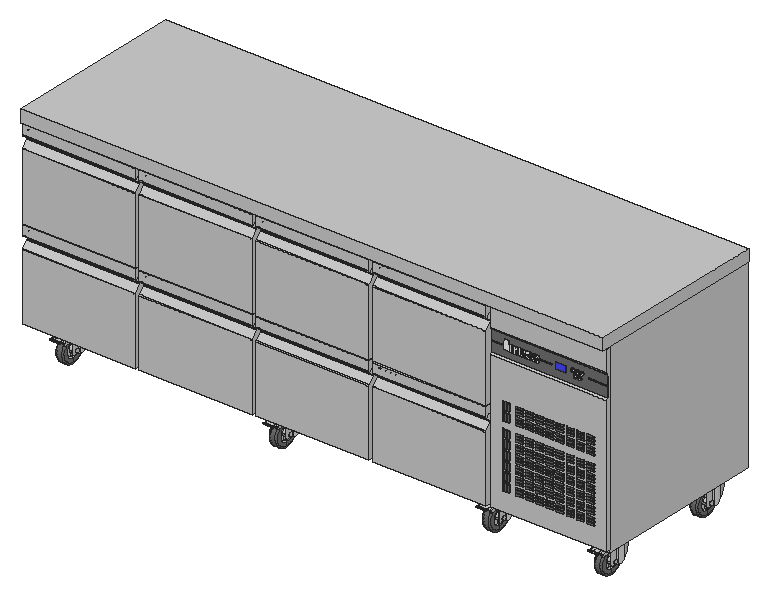
Revit family "QF_INOMAK_PNRP9999_250611031516", category Specialty Equipment, Revit 2021 (continued)
Definition of nested family "QF_INOMAK_REF_COUNTERS_DOORS_DRAWERS_25919"
  Definition of nested family "2_Drawers_1-2"
    Reference planes
      plane 7 "Front legs": y = -690
      plane 8 "Legs top": z = 150
      plane 9 "Backsplash thickness": y = -10
      plane 10 "Left panel": x = 35
      plane 11 "Right panel": x = 1165
      plane 12: z = 600
      plane 13: z = 1046
      plane 14: z = 602
      plane 15: z = 598
      plane 16: z = 154
    Forms (mm)
      Extrusion 1, solid, material <- "Finish", visible <- "2 Drawers"
        sketch origin (35, 0, 0) x (0, -1, 0) y (0, 0, 1)
          loop
            line (690, 602) -> (690, 960.365)
            arc (690, 960.365) -> (689.866, 961.037) -> (689.485, 961.607) r 1.757
            line (689.485, 961.607) -> (666.663, 984.429)
            arc (666.663, 984.429) -> (665.976, 985.458) -> (665.734, 986.672) r 3.172
            line (665.734, 986.672) -> (665.734, 1013.576)
            arc (665.734, 1013.576) -> (666.433, 1015.262) -> (668.119, 1015.961) r 2.385
            line (668.119, 1015.961) -> (680.029, 1015.961) -> (686.544, 1006.657)
            arc (686.544, 1006.657) -> (688.671, 1005.935) -> (690, 1007.747) r 1.9
            line (690, 1007.747) -> (690, 1046) -> (648, 1046) -> (648, 602) -> (690, 602)
        from 0 to -1130
      Extrusion 2, solid, visible <- "2 Drawers", detail levels coarse
        sketch origin (0, -640.463, 602) x (0, 1, 0) y (-1, 0, 0)
          loop
            line (-49.537, -35) -> (-624.537, -35) -> (-624.537, -1165) -> (-49.537, -1165) -> (-49.537, -35)
        from 0 to 444
      Extrusion 3, solid, visible <- "2 Drawers", detail levels coarse
        sketch origin (0, -700, 154) x (-1, 0, 0) y (0, 1, 0)
          loop
            line (-35, 10) -> (-1165, 10) -> (-1165, -565) -> (-35, -565) -> (-35, 10)
        from 0 to -444
      Extrusion 4, solid, material <- "Finish", visible <- "2 Drawers"
        sketch origin (35, 0, -441.333) x (0, -1, 0) y (0, 0, 1)
          loop
            line (690, 595.333) -> (690, 953.698)
            arc (690, 953.698) -> (689.866, 954.37) -> (689.485, 954.94) r 1.757
            line (689.485, 954.94) -> (666.663, 977.763)
            arc (666.663, 977.763) -> (665.976, 978.792) -> (665.734, 980.006) r 3.172
            line (665.734, 980.006) -> (665.734, 1006.909)
            arc (665.734, 1006.909) -> (666.433, 1008.596) -> (668.119, 1009.294) r 2.385
            line (668.119, 1009.294) -> (680.029, 1009.294) -> (686.544, 999.991)
            arc (686.544, 999.991) -> (688.671, 999.268) -> (690, 1001.08) r 1.9
            line (690, 1001.08) -> (690, 1039.333) -> (648, 1039.333) -> (648, 595.333) -> (690, 595.333)
        from 0 to -1130
    Lines and regions (mm)
      symbolic lines, visible <- "2 Drawers"
        curve 1: line (35, -940, 900) -> (35, -980, 900)
        curve 2: line (35, -980, 900) -> (1165, -980, 900)
        curve 3: line (1165, -980, 900) -> (1165, -940, 900)
        curve 4: line (1165, -940, 900) -> (35, -940, 900)
        curve 5: line (1135, -940, 900) -> (1135, -700, 900)
        curve 6: line (65, -940, 900) -> (65, -700, 900)
        curve 7: line (35, -1225, 900) -> (35, -1265, 900)
        curve 8: line (35, -1265, 900) -> (1165, -1265, 900)
        curve 9: line (1165, -1265, 900) -> (1165, -1225, 900)
        curve 10: line (1165, -1225, 900) -> (35, -1225, 900)
        curve 11: line (1135, -1225, 900) -> (1135, -980, 900)
        curve 12: line (65, -1225, 900) -> (65, -980, 900)
    Dimensions and locks
      "Length Actual": plane 3 "Left" to plane 4 "Right"
      "Depth Actual": plane 5 "Front" to plane 1 "Back"
      "Height Actual": plane 6 "Top" to plane 8 "Legs top"
      "Front inset": plane 7 "Front legs" to plane 5 "Front"
      "Plinth height": plane 8 "Legs top" to plane 2
      "Rear inset": plane 9 "Backsplash thickness" to plane 1 "Back"
      "Right panel thickness": plane 11 "Right panel" to plane 4 "Right"
      "Left panel thickness": plane 3 "Left" to plane 10 "Left panel"
      "Top inset": plane 6 "Top" to plane 13
      "Bottom inset": plane 16 to plane 8 "Legs top"
      equal spacing: plane 16, plane 12, plane 13
      locked: plane 14 to plane 12 at 2
      locked: plane 15 to plane 12 at 2
      aligned and locked: level to plane 2
      aligned and locked: Extrusion 1 to plane 11 "Right panel"
      aligned and locked: plane 10 "Left panel" to curve 1
      aligned and locked: plane 10 "Left panel" to curve 7
      aligned and locked: Extrusion 2 sketch curve to plane 10 "Left panel"
      aligned and locked: plane 11 "Right panel" to Extrusion 2 sketch curve
      aligned and locked: Extrusion 3 sketch curve to plane 10 "Left panel"
      aligned and locked: plane 11 "Right panel" to Extrusion 3 sketch curve
      aligned and locked: Extrusion 2 to plane 13
      aligned and locked: Extrusion 4 to plane 11 "Right panel"
      aligned and locked: Extrusion 3 to plane 15
      aligned and locked: Extrusion 1 sketch curve to plane 13
      aligned and locked: Extrusion 1 sketch curve to plane 7 "Front legs"
      aligned and locked: plane 14 to Extrusion 1 sketch curve
      aligned and locked: Extrusion 4 sketch curve to plane 15
      aligned and locked: Extrusion 4 sketch curve to plane 7 "Front legs"
      aligned and locked: Extrusion 4 sketch curve to plane 16
    Automatic sketch dimensions
      Extrusion 2 sketch curve to plane 7 "Front legs" = 0 mm
      Extrusion 2 sketch curve to plane 5 "Front" = 565 mm
      Extrusion 3 sketch curve to plane 7 "Front legs" = 0 mm
      Extrusion 3 sketch curve to plane 5 "Front" = 565 mm
      curve 9 to plane 11 "Right panel" = 0 mm
      curve 2 to plane 11 "Right panel" = 0 mm
      curve 5 to plane 5 "Front" = 0 mm
      curve 6 to plane 5 "Front" = 0 mm
      curve 1 to plane 5 "Front" = 240 mm
      curve 3 to curve 3 = 40 mm
      curve 7 to curve 1 = 245 mm
      curve 8 to curve 9 = 40 mm
      plane 11 "Right panel" to curve 5 = 30 mm
      curve 2 to curve 11 = 30 mm
      curve 6 to plane 10 "Left panel" = 30 mm
      curve 12 to plane 10 "Left panel" = 30 mm
      Extrusion 1 sketch curve to Extrusion 1 sketch curve = 17.734 mm
      Extrusion 1 sketch curve to Extrusion 1 sketch curve = 0.929 mm
      Extrusion 1 sketch curve to Extrusion 1 sketch curve = 2.385 mm
      Extrusion 1 sketch curve to Extrusion 1 sketch curve = 3.172 mm
      Extrusion 1 sketch curve to Extrusion 1 sketch curve = 11.91 mm
      Extrusion 1 sketch curve to Extrusion 1 sketch curve = 6.515 mm
      Extrusion 1 sketch curve to Extrusion 1 sketch curve = 1.556 mm
      Extrusion 1 sketch curve to Extrusion 1 sketch curve = 21.58 mm
      Extrusion 1 sketch curve to Extrusion 1 sketch curve = 1.242 mm
      Extrusion 1 sketch curve to Extrusion 1 sketch curve = 1.9 mm
      Extrusion 1 sketch curve to Extrusion 1 sketch curve = 0.515 mm
      Extrusion 1 sketch curve to Extrusion 1 sketch curve = 22.822 mm
      Extrusion 1 sketch curve to Extrusion 1 sketch curve = 19.985 mm
      Extrusion 1 sketch curve to Extrusion 1 sketch curve = 6.919 mm
      Extrusion 1 sketch curve to Extrusion 1 sketch curve = 30.039 mm
      Extrusion 4 sketch curve to plane 7 "Front legs" = 0 mm
      plane 7 "Front legs" to Extrusion 4 sketch curve = 0.515 mm
      plane 7 "Front legs" to Extrusion 4 sketch curve = 1.757 mm
      plane 7 "Front legs" to Extrusion 4 sketch curve = 1.9 mm
      Extrusion 4 sketch curve to Extrusion 4 sketch curve = 1.556 mm
      plane 7 "Front legs" to Extrusion 4 sketch curve = 9.971 mm
      plane 7 "Front legs" to Extrusion 4 sketch curve = 21.094 mm
      Extrusion 4 sketch curve to Extrusion 4 sketch curve = 11.91 mm
      Extrusion 4 sketch curve to Extrusion 4 sketch curve = 2.243 mm
      Extrusion 4 sketch curve to Extrusion 4 sketch curve = 2.385 mm
      Extrusion 4 sketch curve to Extrusion 4 sketch curve = 20.119 mm
      Extrusion 4 sketch curve to Extrusion 4 sketch curve = 22.822 mm
      Extrusion 4 sketch curve to Extrusion 4 sketch curve = 19.985 mm
      Extrusion 4 sketch curve to Extrusion 4 sketch curve = 6.919 mm
      Extrusion 4 sketch curve to Extrusion 4 sketch curve = 30.039 mm
  Definition of nested family "2_Drawers_1-3_2-3"
    Parameters (values of type "2 Drawers 1-3 and 2-3")
      URL = "www.specifiglobal.com"
      Top inset [instance] = 4 mm
      Right panel thickness [instance] = 35 mm
      Rear inset [instance] = 10 mm
      Plinth height [instance] = 150 mm
      Model = ""
      Manufacturer = "DEMO CONSULTANT"
      Length Actual [instance] = 1200 mm
      Left panel thickness [instance] = 35 mm
      Height Actual [instance] = 900 mm
      Front inset [instance] = 10 mm
      Finish = none
      Doors drawers type [instance] = 5
      Description = ""
      Depth Actual [instance] = 700 mm
      Default Elevation = 0 mm
      Bottom inset [instance] = 4 mm
      Assembly Code = "E1090320"
      2 Drawers 1-3 and 2-3 [instance] = Doors drawers type = 5  # yes
    Reference planes
      plane 1 "Back": y = 0
      plane 2: z = 0
      plane 3 "Left": x = 0
      plane 4 "Right": x = 1200
      plane 5 "Front": y = -700
      plane 6 "Top": z = 1050
      plane 7 "Front legs": y = -690
      plane 8 "Legs top": z = 150
      plane 9 "Backsplash thickness": y = -10
      plane 10 "Left panel": x = 35
      plane 11 "Right panel": x = 1165
      plane 12: z = 1046
      plane 13: z = 751.833
      plane 14: z = 746.833
      plane 15: z = 154
      plane 16: z = 450.667
      plane 17: z = 152
      plane 18: z = 1048
      plane 19: z = 749.333
    Forms (mm)
      Extrusion 1, solid, material <- "Finish", visible <- "2 Drawers 1-3 and 2-3"
        sketch origin (35, 0, 0) x (0, -1, 0) y (0, 0, 1)
          loop
            line (690, 751.833) -> (690, 960.365)
            arc (690, 960.365) -> (689.866, 961.037) -> (689.485, 961.607) r 1.757
            line (689.485, 961.607) -> (666.663, 984.429)
            arc (666.663, 984.429) -> (665.976, 985.458) -> (665.734, 986.672) r 3.172
            line (665.734, 986.672) -> (665.734, 1013.576)
            arc (665.734, 1013.576) -> (666.433, 1015.262) -> (668.119, 1015.961) r 2.385
            line (668.119, 1015.961) -> (680.029, 1015.961) -> (686.544, 1006.657)
            arc (686.544, 1006.657) -> (688.671, 1005.935) -> (690, 1007.747) r 1.9
            line (690, 1007.747) -> (690, 1046) -> (648, 1046) -> (648, 751.833) -> (690, 751.833)
        from 0 to -1130
      Extrusion 2, solid, visible <- "2 Drawers 1-3 and 2-3", detail levels coarse
        sketch origin (0, -640.463, 751.833) x (0, 1, 0) y (-1, 0, 0)
          loop
            line (-49.537, -35) -> (-624.537, -35) -> (-624.537, -1165) -> (-49.537, -1165) -> (-49.537, -35)
        from 0 to 294.167
      Extrusion 3, solid, visible <- "2 Drawers 1-3 and 2-3", detail levels coarse
        sketch origin (0, -700, 154) x (-1, 0, 0) y (0, 1, 0)
          loop
            line (-35, 10) -> (-1165, 10) -> (-1165, -565) -> (-35, -565) -> (-35, 10)
        from 0 to -592.833
      Extrusion 4, solid, material <- "Finish", visible <- "2 Drawers 1-3 and 2-3"
        sketch origin (35, 0, -441.333) x (0, -1, 0) y (0, 0, 1)
          loop
            line (690, 595.333) -> (690, 1101.698)
            arc (690, 1101.698) -> (689.866, 1102.37) -> (689.485, 1102.94) r 1.757
            line (689.485, 1102.94) -> (666.663, 1126.596)
            arc (666.663, 1126.596) -> (665.976, 1127.625) -> (665.734, 1128.839) r 3.172
            line (665.734, 1128.839) -> (665.734, 1155.743)
            arc (665.734, 1155.743) -> (666.433, 1157.429) -> (668.119, 1158.128) r 2.385
            line (668.119, 1158.128) -> (680.029, 1158.128) -> (686.544, 1148.824)
            arc (686.544, 1148.824) -> (688.671, 1148.102) -> (690, 1149.914) r 1.9
            line (690, 1149.914) -> (690, 1188.167) -> (648, 1188.167) -> (648, 595.333) -> (690, 595.333)
        from 0 to -1130
    Lines and regions (mm)
      symbolic lines, visible <- "2 Drawers 1-3 and 2-3"
        curve 1: line (35, -1000, 900) -> (35, -1040, 900)
        curve 2: line (35, -1040, 900) -> (1165, -1040, 900)
        curve 3: line (1165, -1040, 900) -> (1165, -1000, 900)
        curve 4: line (1165, -1000, 900) -> (35, -1000, 900)
        curve 5: line (1135, -1000, 900) -> (1135, -700, 900)
        curve 6: line (65, -1000, 900) -> (65, -700, 900)
        curve 7: line (35, -1225, 900) -> (35, -1265, 900)
        curve 8: line (35, -1265, 900) -> (1165, -1265, 900)
        curve 9: line (1165, -1265, 900) -> (1165, -1225, 900)
        curve 10: line (1165, -1225, 900) -> (35, -1225, 900)
        curve 11: line (1135, -1225, 900) -> (1135, -1040, 900)
        curve 12: line (65, -1225, 900) -> (65, -1040, 900)
    Dimensions and locks
      "Length Actual": plane 3 "Left" to plane 4 "Right"
      "Depth Actual": plane 5 "Front" to plane 1 "Back"
      "Height Actual": plane 6 "Top" to plane 8 "Legs top"
      "Front inset": plane 7 "Front legs" to plane 5 "Front"
      "Plinth height": plane 8 "Legs top" to plane 2
      "Rear inset": plane 9 "Backsplash thickness" to plane 1 "Back"
      "Right panel thickness": plane 11 "Right panel" to plane 4 "Right"
      "Left panel thickness": plane 3 "Left" to plane 10 "Left panel"
      "Top inset": plane 6 "Top" to plane 12
      locked: plane 13 to plane 14 at 5
      "Bottom inset": plane 15 to plane 8 "Legs top"
      equal spacing: plane 17, plane 16, plane 19, plane 18
      equal spacing: plane 12, plane 18, plane 6 "Top"
      equal spacing: plane 14, plane 19, plane 13
      equal spacing: plane 15, plane 17, plane 8 "Legs top"
      aligned and locked: level to plane 2
      aligned and locked: Extrusion 1 to plane 11 "Right panel"
      aligned and locked: plane 10 "Left panel" to curve 1
      aligned and locked: plane 10 "Left panel" to curve 7
      aligned and locked: Extrusion 2 sketch curve to plane 10 "Left panel"
      aligned and locked: plane 11 "Right panel" to Extrusion 2 sketch curve
      aligned and locked: Extrusion 3 sketch curve to plane 10 "Left panel"
      aligned and locked: plane 11 "Right panel" to Extrusion 3 sketch curve
      aligned and locked: Extrusion 2 to plane 12
      aligned and locked: Extrusion 4 to plane 11 "Right panel"
      aligned and locked: Extrusion 3 to plane 14
      aligned and locked: plane 13 to Extrusion 1 sketch curve
      aligned and locked: Extrusion 2 to Extrusion 1 sketch curve
      aligned and locked: Extrusion 3 to Extrusion 4 sketch curve
      aligned and locked: Extrusion 4 sketch curve to Extrusion 3  (x2)
      aligned and locked: Extrusion 1 sketch curve to plane 7 "Front legs"
    Automatic sketch dimensions
      Extrusion 2 sketch curve to plane 7 "Front legs" = 0 mm
      Extrusion 2 sketch curve to plane 5 "Front" = 565 mm
      Extrusion 3 sketch curve to plane 7 "Front legs" = 0 mm
      Extrusion 3 sketch curve to plane 5 "Front" = 565 mm
      curve 9 to plane 11 "Right panel" = 0 mm
      curve 2 to plane 11 "Right panel" = 0 mm
      curve 5 to plane 5 "Front" = 0 mm
      curve 6 to plane 5 "Front" = 0 mm
      curve 1 to plane 5 "Front" = 300 mm
      curve 3 to curve 3 = 40 mm
      curve 7 to curve 1 = 185 mm
      curve 8 to curve 9 = 40 mm
      plane 11 "Right panel" to curve 5 = 30 mm
      curve 11 to curve 5 = 0 mm
      curve 6 to plane 10 "Left panel" = 30 mm
      curve 12 to curve 6 = 0 mm
      Extrusion 1 sketch curve to plane 7 "Front legs" = 0 mm
      plane 7 "Front legs" to Extrusion 1 sketch curve = 0.515 mm
      plane 7 "Front legs" to Extrusion 1 sketch curve = 1.757 mm
      plane 7 "Front legs" to Extrusion 1 sketch curve = 1.9 mm
      Extrusion 1 sketch curve to Extrusion 1 sketch curve = 1.556 mm
      plane 7 "Front legs" to Extrusion 1 sketch curve = 9.971 mm
      plane 7 "Front legs" to Extrusion 1 sketch curve = 21.094 mm
      Extrusion 1 sketch curve to Extrusion 1 sketch curve = 11.91 mm
      Extrusion 1 sketch curve to Extrusion 1 sketch curve = 2.243 mm
      Extrusion 1 sketch curve to Extrusion 1 sketch curve = 2.385 mm
      Extrusion 1 sketch curve to Extrusion 1 sketch curve = 20.119 mm
      plane 12 to Extrusion 1 sketch curve = 85.635 mm
      Extrusion 1 sketch curve to Extrusion 1 sketch curve = 22.822 mm
      Extrusion 1 sketch curve to Extrusion 1 sketch curve = 19.985 mm
      Extrusion 1 sketch curve to Extrusion 1 sketch curve = 6.919 mm
      plane 12 to Extrusion 1 sketch curve = 0 mm
      Extrusion 4 sketch curve to plane 7 "Front legs" = 0 mm
      plane 7 "Front legs" to Extrusion 4 sketch curve = 0.515 mm
      plane 7 "Front legs" to Extrusion 4 sketch curve = 1.9 mm
      Extrusion 4 sketch curve to Extrusion 4 sketch curve = 1.556 mm
      plane 7 "Front legs" to Extrusion 4 sketch curve = 9.971 mm
      plane 7 "Front legs" to Extrusion 4 sketch curve = 21.094 mm
      Extrusion 4 sketch curve to Extrusion 4 sketch curve = 11.91 mm
      Extrusion 4 sketch curve to Extrusion 4 sketch curve = 2.243 mm
      Extrusion 4 sketch curve to Extrusion 4 sketch curve = 2.385 mm
      Extrusion 4 sketch curve to Extrusion 4 sketch curve = 20.119 mm
      Extrusion 4 sketch curve to Extrusion 4 sketch curve = 86.469 mm
      Extrusion 4 sketch curve to Extrusion 4 sketch curve = 23.656 mm
      Extrusion 4 sketch curve to Extrusion 4 sketch curve = 19.985 mm
      Extrusion 4 sketch curve to Extrusion 4 sketch curve = 6.919 mm
      plane 7 "Front legs" to Extrusion 4 sketch curve = 1.757 mm
  Definition of nested family "Sliding_Doors"
    Parameters (values of type "Sliding doors")
      URL = "www.specifiglobal.com"
      Top inset [instance] = 4 mm
      Sliding doors [instance] = Doors drawers type = 2  # yes
      Right panel thickness [instance] = 35 mm
      Rear inset [instance] = 10 mm
      Plinth height [instance] = 150 mm
      Model = ""
      Manufacturer = "DEMO CONSULTANT"
      Length Actual [instance] = 1200 mm
      Left panel thickness [instance] = 35 mm
      Height Actual [instance] = 900 mm
      Front inset [instance] = 10 mm
      Finish [instance] = none
      Doors drawers type [instance] = 2
      Description = ""
      Depth Actual [instance] = 700 mm
      Default Elevation = 0 mm
      Bottom inset [instance] = 4 mm
      Assembly Code = "E1090320"
    Reference planes
      plane 1 "Back": y = 0
      plane 2: z = 0
      plane 3 "Left": x = 0
      plane 4 "Right": x = 1200
      plane 5 "Front": y = -700
      plane 6 "Top": z = 1050
      plane 7 "Front legs": y = -690
      plane 8 "Legs top": z = 150
      plane 9 "Backsplash thickness": y = -10
      plane 10: x = 35
      plane 11: x = 1165
      plane 12 "Center Left-Right": x = 600
      plane 13: z = 154
      plane 14: z = 1046
    Forms (mm)
      Extrusion 1, solid, material <- "Finish", visible <- "Sliding doors"
        sketch origin (0, -690, 154) x (-1, 0, 0) y (0, 1, 0)
          loop
            line (-35, 10) -> (-35, 20) -> (-620, 20) -> (-620, 0) -> (-91.156, 0)
            arc (-91.156, 0) -> (-85.272, 0.885) -> (-79.91, 3.461) r 20
            line (-79.91, 3.461) -> (-60, 17) -> (-38, 17) -> (-38, 10)
            arc (-38, 10) -> (-40.05, 5.05) -> (-45, 3) r 7
            line (-45, 3) -> (-50.012, 3) -> (-50.012, 0) -> (-45, 0)
            arc (-45, 0) -> (-37.929, 2.929) -> (-35, 10) r 10
        from 0 to -892
      Extrusion 2, solid, material <- "Finish", visible <- "Sliding doors"
        sketch origin (0, -689, 154) x (-1, 0, 0) y (0, 1, 0)
          loop
            arc (-1065, 30) -> (-1062.071, 22.929) -> (-1055, 20) r 10
            line (-1055, 20) -> (-1049.988, 20) -> (-1049.988, 23) -> (-1055, 23)
            arc (-1055, 23) -> (-1059.95, 25.05) -> (-1062, 30) r 7
            line (-1062, 30) -> (-1062, 37) -> (-1040, 37) -> (-1020.09, 23.461)
            arc (-1020.09, 23.461) -> (-1014.728, 20.885) -> (-1008.844, 20) r 20
            line (-1008.844, 20) -> (-480, 20) -> (-480, 40) -> (-1065, 40) -> (-1065, 30)
        from 0 to -892
    Lines and regions (mm)
      symbolic lines, visible <- "Sliding doors"
        curve 1: line (1065, -649, 150) -> (480, -649, 150)
        curve 2: line (1065, -669, 150) -> (1065, -649, 150)
        curve 3: line (480, -669, 150) -> (1065, -669, 150)
        curve 4: line (480, -649, 150) -> (480, -669, 150)
        curve 5: line (620, -690, 150) -> (35, -690, 150)
        curve 6: line (620, -670, 150) -> (620, -690, 150)
        curve 7: line (35, -670, 150) -> (620, -670, 150)
        curve 8: line (35, -690, 150) -> (35, -670, 150)
    Dimensions and locks
      "Length Actual": plane 3 "Left" to plane 4 "Right"
      "Depth Actual": plane 5 "Front" to plane 1 "Back"
      "Height Actual": plane 6 "Top" to plane 8 "Legs top"
      "Front inset": plane 7 "Front legs" to plane 5 "Front"
      "Plinth height": plane 8 "Legs top" to plane 2
      "Rear inset": plane 9 "Backsplash thickness" to plane 1 "Back"
      "Right panel thickness": plane 11 to plane 4 "Right"
      "Left panel thickness": plane 3 "Left" to plane 10
      equal spacing: plane 10, plane 12 "Center Left-Right", plane 11
      "Top inset": plane 6 "Top" to plane 14
      "Bottom inset": plane 13 to plane 8 "Legs top"
      locked: plane 12 "Center Left-Right" to curve 4 at 120
      locked: plane 12 "Center Left-Right" to curve 5 at 20
      locked: plane 11 to curve 1 at 100
      aligned and locked: level to plane 2
      aligned and locked: Extrusion 1 sketch curve to plane 7 "Front legs"
      aligned and locked: Extrusion 1 sketch curve to plane 10
      aligned and locked: Extrusion 1 to plane 14
      aligned and locked: Extrusion 2 to plane 14
      aligned and locked: curve 8 to plane 10
    Automatic sketch dimensions
      Extrusion 2 sketch curve to Extrusion 2 sketch curve = 0 mm  (x2)
      plane 11 to Extrusion 2 sketch curve = 100 mm
      Extrusion 2 sketch curve to Extrusion 2 sketch curve = 3 mm
      Extrusion 2 sketch curve to Extrusion 2 sketch curve = 7 mm  (x2)
      Extrusion 2 sketch curve to Extrusion 2 sketch curve = 5.012 mm
      plane 7 "Front legs" to Extrusion 2 sketch curve = 38 mm
      Extrusion 2 sketch curve to Extrusion 2 sketch curve = 15 mm
      plane 7 "Front legs" to Extrusion 2 sketch curve = 24.461 mm
      Extrusion 2 sketch curve to Extrusion 2 sketch curve = 19.91 mm
      Extrusion 2 sketch curve to Extrusion 2 sketch curve = 11.246 mm
      Extrusion 2 sketch curve to plane 12 "Center Left-Right" = 120 mm
      Extrusion 2 sketch curve to Extrusion 2 sketch curve = 16.539 mm
      Extrusion 2 sketch curve to Extrusion 2 sketch curve = 20 mm
      Extrusion 1 sketch curve to Extrusion 1 sketch curve = 0 mm  (x2)
      Extrusion 1 sketch curve to plane 7 "Front legs" = 0 mm
      Extrusion 1 sketch curve to plane 10 = 3 mm
      Extrusion 1 sketch curve to Extrusion 1 sketch curve = 7 mm
      Extrusion 1 sketch curve to Extrusion 1 sketch curve = 5.012 mm
      Extrusion 1 sketch curve to Extrusion 1 sketch curve = 15 mm
      plane 7 "Front legs" to Extrusion 1 sketch curve = 3.461 mm
      Extrusion 1 sketch curve to Extrusion 1 sketch curve = 19.91 mm
      Extrusion 1 sketch curve to Extrusion 1 sketch curve = 11.246 mm
      plane 12 "Center Left-Right" to Extrusion 1 sketch curve = 20 mm
      Extrusion 1 sketch curve to Extrusion 1 sketch curve = 20 mm
      Extrusion 1 sketch curve to Extrusion 1 sketch curve = 3 mm
      curve 8 to plane 7 "Front legs" = 0 mm
      curve 5 to curve 6 = 20 mm
      plane 7 "Front legs" to curve 2 = 21 mm
      curve 2 to curve 2 = 20 mm
  Definition of nested family "4_Drawers_1-4"
    Parameters (values of type "4 Drawers 1-4")
      URL = "www.specifiglobal.com"
      Top inset [instance] = 4 mm
      Right panel thickness [instance] = 35 mm
      Rear inset [instance] = 10 mm
      Plinth height [instance] = 150 mm
      Model = ""
      Manufacturer = "DEMO CONSULTANT"
      Length Actual [instance] = 1200 mm
      Left panel thickness [instance] = 35 mm
      Height Actual [instance] = 900 mm
      Front inset [instance] = 10 mm
      Finish [instance] = none
      Doors drawers type [instance] = 7
      Description = ""
      Depth Actual [instance] = 700 mm
      Default Elevation = 0 mm
      Bottom inset [instance] = 4 mm
      Assembly Code = "E1090320"
      4 Drawers [instance] = Doors drawers type = 7  # yes
    Reference planes
      plane 1 "Back": y = 0
      plane 2: z = 0
      plane 3 "Left": x = 0
      plane 4 "Right": x = 1200
      plane 5 "Front": y = -700
      plane 6 "Top": z = 1050
      plane 7 "Front legs": y = -690
      plane 8 "Legs top": z = 150
      plane 9 "Backsplash thickness": y = -10
      plane 10 "Left panel": x = 35
      plane 11 "Right panel": x = 1165
      plane 12: z = 824.25
      plane 13: z = 1046
      plane 14: z = 826.083
      plane 15: z = 822.417
      plane 16: z = 1048.5
      plane 17: z = 375.75
      plane 18: z = 377.917
      plane 19: z = 373.583
      plane 20: z = 154
      plane 21: z = 151.5
      plane 22: z = 600
      plane 23: z = 601.833
      plane 24: z = 598.167
    Forms (mm)
      Extrusion 1, solid, material <- "Finish", visible <- "4 Drawers"
        sketch origin (35, 0, -1) x (0, -1, 0) y (0, 0, 1)
          loop
            line (680, 1047) -> (670, 1047) -> (670, 827.083) -> (690, 827.083) -> (690, 990.844)
            arc (690, 990.844) -> (689.115, 996.728) -> (686.539, 1002.09) r 20
            line (686.539, 1002.09) -> (673, 1022) -> (673, 1044) -> (680, 1044)
            arc (680, 1044) -> (684.95, 1041.95) -> (687, 1037) r 7
            line (687, 1037) -> (687, 1031.988) -> (690, 1031.988) -> (690, 1037)
            arc (690, 1037) -> (687.071, 1044.071) -> (680, 1047) r 10
        from 0 to -1130
      Extrusion 2, solid, visible <- "4 Drawers", detail levels coarse
        sketch origin (0, -640.463, 826.083) x (0, 1, 0) y (-1, 0, 0)
          loop
            line (-49.537, -35) -> (-624.537, -35) -> (-624.537, -1165) -> (-49.537, -1165) -> (-49.537, -35)
        from 0 to 219.917
      Extrusion 3, solid, visible <- "4 Drawers", detail levels coarse
        sketch origin (0, -700, 154) x (-1, 0, 0) y (0, 1, 0)
          loop
            line (-35, 10) -> (-1165, 10) -> (-1165, -565) -> (-35, -565) -> (-35, 10)
        from 0 to -219.583
      Extrusion 4, solid, material <- "Finish", visible <- "4 Drawers"
        sketch origin (35, 0, -440.333) x (0, -1, 0) y (0, 0, 1)
          loop
            line (680, 813.917) -> (670, 813.917) -> (670, 594.333) -> (690, 594.333) -> (690, 757.761)
            arc (690, 757.761) -> (689.115, 763.644) -> (686.539, 769.007) r 20
            line (686.539, 769.007) -> (673, 788.917) -> (673, 810.917) -> (680, 810.917)
            arc (680, 810.917) -> (684.95, 808.866) -> (687, 803.917) r 7
            line (687, 803.917) -> (687, 798.904) -> (690, 798.904) -> (690, 803.917)
            arc (690, 803.917) -> (687.071, 810.988) -> (680, 813.917) r 10
        from 0 to -1130
      Extrusion 5, solid, material <- "Finish", visible <- "4 Drawers"
        sketch origin (35, 0, -165.333) x (0, -1, 0) y (0, 0, 1)
          loop
            line (680, 987.75) -> (670, 987.75) -> (670, 767.167) -> (690, 767.167) -> (690, 931.594)
            arc (690, 931.594) -> (689.115, 937.478) -> (686.539, 942.84) r 20
            line (686.539, 942.84) -> (673, 962.75) -> (673, 984.75) -> (680, 984.75)
            arc (680, 984.75) -> (684.95, 982.7) -> (687, 977.75) r 7
            line (687, 977.75) -> (687, 972.738) -> (690, 972.738) -> (690, 977.75)
            arc (690, 977.75) -> (687.071, 984.821) -> (680, 987.75) r 10
        from 0 to -1130
      Extrusion 6, solid, material <- "Finish", visible <- "4 Drawers"
        sketch origin (35, 0, -330.333) x (0, -1, 0) y (0, 0, 1)
          loop
            line (680, 928.5) -> (670, 928.5) -> (670, 708.25) -> (690, 708.25) -> (690, 872.344)
            arc (690, 872.344) -> (689.115, 878.228) -> (686.539, 883.59) r 20
            line (686.539, 883.59) -> (673, 903.5) -> (673, 925.5) -> (680, 925.5)
            arc (680, 925.5) -> (684.95, 923.45) -> (687, 918.5) r 7
            line (687, 918.5) -> (687, 913.488) -> (690, 913.488) -> (690, 918.5)
            arc (690, 918.5) -> (687.071, 925.571) -> (680, 928.5) r 10
        from 0 to -1130
      Extrusion 7, solid, visible <- "4 Drawers", detail levels coarse
        sketch origin (0, -500.463, 601.833) x (0, 1, 0) y (-1, 0, 0)
          loop
            line (-189.537, -35) -> (-764.537, -35) -> (-764.537, -1165) -> (-189.537, -1165) -> (-189.537, -35)
        from 0 to 220.583
      Extrusion 8, solid, visible <- "4 Drawers", detail levels coarse
        sketch origin (0, -540.463, 377.917) x (0, 1, 0) y (-1, 0, 0)
          loop
            line (-149.537, -35) -> (-724.537, -35) -> (-724.537, -1165) -> (-149.537, -1165) -> (-149.537, -35)
        from 0 to 220.25
    Lines and regions (mm)
      symbolic lines, visible <- "4 Drawers"
        curve 1: line (35, -945, 900) -> (35, -985, 900)
        curve 2: line (35, -985, 900) -> (1165, -985, 900)
        curve 3: line (1165, -985, 900) -> (1165, -945, 900)
        curve 4: line (1165, -945, 900) -> (35, -945, 900)
        curve 5: line (1135, -945, 900) -> (1135, -845, 900)
        curve 6: line (65, -945, 900) -> (65, -845, 900)
        curve 7: line (35, -1085, 900) -> (35, -1125, 900)
        curve 8: line (35, -1125, 900) -> (1165, -1125, 900)
        curve 9: line (1165, -1125, 900) -> (1165, -1085, 900)
        curve 10: line (1165, -1085, 900) -> (35, -1085, 900)
        curve 11: line (1135, -1085, 900) -> (1135, -985, 900)
        curve 12: line (65, -1085, 900) -> (65, -985, 900)
        curve 13: line (35, -1225, 900) -> (35, -1265, 900)
        curve 14: line (35, -1265, 900) -> (1165, -1265, 900)
        curve 15: line (1165, -1265, 900) -> (1165, -1225, 900)
        curve 16: line (1165, -1225, 900) -> (35, -1225, 900)
        curve 17: line (1135, -1225, 900) -> (1135, -1125, 900)
        curve 18: line (65, -1225, 900) -> (65, -1125, 900)
        curve 19: line (35, -805, 900) -> (35, -845, 900)
        curve 20: line (35, -845, 900) -> (1165, -845, 900)
        curve 21: line (1165, -845, 900) -> (1165, -805, 900)
        curve 22: line (1165, -805, 900) -> (35, -805, 900)
        curve 23: line (65, -805, 900) -> (65, -700, 900)
        curve 24: line (1135, -805, 900) -> (1135, -700, 900)
    Dimensions and locks
      "Length Actual": plane 3 "Left" to plane 4 "Right"
      "Depth Actual": plane 5 "Front" to plane 1 "Back"
      "Height Actual": plane 6 "Top" to plane 8 "Legs top"
      "Front inset": plane 7 "Front legs" to plane 5 "Front"
      "Plinth height": plane 8 "Legs top" to plane 2
      "Rear inset": plane 9 "Backsplash thickness" to plane 1 "Back"
      "Right panel thickness": plane 11 "Right panel" to plane 4 "Right"
      "Left panel thickness": plane 3 "Left" to plane 10 "Left panel"
      locked: plane 14 to plane 15 at 3.667
      equal spacing: plane 14, plane 12, plane 15
      locked: plane 23 to plane 24 at 3.667
      equal spacing: plane 23, plane 22, plane 24
      "Bottom inset": plane 20 to plane 8 "Legs top"
      equal spacing: plane 19, plane 17, plane 18
      locked: plane 19 to plane 18 at 4.333
      equal spacing: plane 21, plane 17, plane 22, plane 12, plane 16
      locked: plane 13 to plane 16 at 2.5
      "Top inset": plane 13 to plane 6 "Top"
      locked: plane 21 to plane 20 at 2.5
      aligned and locked: level to plane 2
      aligned and locked: plane 7 "Front legs" to Extrusion 1 sketch curve  (x2)
      aligned and locked: Extrusion 1 to plane 11 "Right panel"
      aligned and locked: Extrusion 1 sketch curve to plane 13
      aligned and locked: Extrusion 1 sketch curve to plane 14
      aligned and locked: plane 10 "Left panel" to curve 1
      aligned and locked: plane 10 "Left panel" to curve 7
      aligned and locked: plane 10 "Left panel" to curve 13
      aligned and locked: Extrusion 2 sketch curve to plane 10 "Left panel"
      aligned and locked: plane 11 "Right panel" to Extrusion 2 sketch curve
      aligned and locked: Extrusion 3 sketch curve to plane 10 "Left panel"
      aligned and locked: plane 11 "Right panel" to Extrusion 3 sketch curve
      aligned and locked: Extrusion 2 to plane 13
      aligned and locked: Extrusion 3 to plane 19
      aligned and locked: plane 20 to Extrusion 4 sketch curve
      aligned and locked: Extrusion 4 to plane 11 "Right panel"
      aligned and locked: Extrusion 5 sketch curve to plane 15
      aligned and locked: plane 7 "Front legs" to Extrusion 5 sketch curve
      aligned and locked: Extrusion 5 sketch curve to plane 23
      aligned and locked: Extrusion 6 sketch curve to plane 24
      aligned and locked: plane 7 "Front legs" to Extrusion 6 sketch curve
      aligned and locked: Extrusion 6 sketch curve to plane 18
      aligned and locked: Extrusion 7 to plane 15
      aligned and locked: Extrusion 8 to plane 24
      aligned and locked: Extrusion 5 to plane 11 "Right panel"
      aligned and locked: Extrusion 6 to plane 11 "Right panel"
    Automatic sketch dimensions
      Extrusion 1 sketch curve to Extrusion 1 sketch curve = 0 mm  (x2)
      plane 7 "Front legs" to Extrusion 1 sketch curve = 3 mm
      plane 7 "Front legs" to Extrusion 1 sketch curve = 3.461 mm
      plane 7 "Front legs" to Extrusion 1 sketch curve = 10 mm
      Extrusion 1 sketch curve to Extrusion 1 sketch curve = 7 mm
      plane 7 "Front legs" to Extrusion 1 sketch curve = 20 mm  (x2)
      Extrusion 1 sketch curve to Extrusion 1 sketch curve = 46.156 mm
      Extrusion 1 sketch curve to Extrusion 1 sketch curve = 15 mm
      Extrusion 1 sketch curve to Extrusion 1 sketch curve = 5.012 mm
      Extrusion 2 sketch curve to plane 7 "Front legs" = 0 mm
      Extrusion 2 sketch curve to plane 5 "Front" = 565 mm
      Extrusion 3 sketch curve to plane 7 "Front legs" = 0 mm
      Extrusion 3 sketch curve to plane 5 "Front" = 565 mm
      Extrusion 5 sketch curve to Extrusion 5 sketch curve = 0 mm  (x2)
      Extrusion 5 sketch curve to plane 7 "Front legs" = 0 mm
      plane 7 "Front legs" to Extrusion 5 sketch curve = 3 mm
      plane 7 "Front legs" to Extrusion 5 sketch curve = 3.461 mm
      plane 7 "Front legs" to Extrusion 5 sketch curve = 10 mm
      Extrusion 5 sketch curve to Extrusion 5 sketch curve = 7 mm
      plane 7 "Front legs" to Extrusion 5 sketch curve = 20 mm  (x2)
      Extrusion 5 sketch curve to Extrusion 5 sketch curve = 46.156 mm
      Extrusion 5 sketch curve to Extrusion 5 sketch curve = 15 mm
      Extrusion 5 sketch curve to Extrusion 5 sketch curve = 5.012 mm
      Extrusion 6 sketch curve to Extrusion 6 sketch curve = 0 mm  (x2)
      Extrusion 6 sketch curve to plane 7 "Front legs" = 0 mm
      plane 7 "Front legs" to Extrusion 6 sketch curve = 3 mm
      plane 7 "Front legs" to Extrusion 6 sketch curve = 3.461 mm
      plane 7 "Front legs" to Extrusion 6 sketch curve = 10 mm
      Extrusion 6 sketch curve to Extrusion 6 sketch curve = 7 mm
      plane 7 "Front legs" to Extrusion 6 sketch curve = 20 mm  (x2)
      Extrusion 6 sketch curve to Extrusion 6 sketch curve = 46.156 mm
      Extrusion 6 sketch curve to Extrusion 6 sketch curve = 15 mm
      Extrusion 6 sketch curve to Extrusion 6 sketch curve = 5.012 mm
      curve 14 to plane 11 "Right panel" = 0 mm
      curve 8 to plane 11 "Right panel" = 0 mm
      curve 2 to plane 11 "Right panel" = 0 mm
      curve 21 to plane 11 "Right panel" = 0 mm
      curve 20 to plane 10 "Left panel" = 0 mm
      curve 23 to plane 5 "Front" = 0 mm
      curve 24 to plane 5 "Front" = 0 mm
      curve 21 to plane 5 "Front" = 105 mm
      curve 20 to curve 21 = 40 mm
      curve 3 to curve 20 = 100 mm
      curve 3 to curve 3 = 40 mm
      curve 10 to curve 1 = 100 mm
      curve 9 to curve 9 = 40 mm
      curve 15 to curve 8 = 100 mm
      curve 15 to curve 15 = 40 mm
      plane 11 "Right panel" to curve 24 = 30 mm
      curve 8 to curve 17 = 30 mm
      curve 11 to curve 17 = 0 mm
      curve 23 to plane 10 "Left panel" = 30 mm
      curve 12 to curve 6 = 0 mm
      curve 18 to curve 12 = 0 mm
      Extrusion 4 sketch curve to Extrusion 4 sketch curve = 0 mm  (x2)
      plane 19 to Extrusion 4 sketch curve = 0 mm
      Extrusion 4 sketch curve to plane 7 "Front legs" = 0 mm  (x2)
      plane 7 "Front legs" to Extrusion 4 sketch curve = 3 mm
      plane 7 "Front legs" to Extrusion 4 sketch curve = 3.461 mm
      plane 7 "Front legs" to Extrusion 4 sketch curve = 10 mm
      Extrusion 4 sketch curve to Extrusion 4 sketch curve = 7 mm
      plane 7 "Front legs" to Extrusion 4 sketch curve = 20 mm  (x2)
      Extrusion 4 sketch curve to Extrusion 4 sketch curve = 46.156 mm
      Extrusion 4 sketch curve to Extrusion 4 sketch curve = 15 mm
      Extrusion 4 sketch curve to Extrusion 4 sketch curve = 5.012 mm
      Extrusion 7 sketch curve to plane 10 "Left panel" = 0 mm
      Extrusion 7 sketch curve to plane 11 "Right panel" = 0 mm
      Extrusion 7 sketch curve to plane 7 "Front legs" = 0 mm
      Extrusion 7 sketch curve to plane 5 "Front" = 565 mm
      Extrusion 8 sketch curve to plane 10 "Left panel" = 0 mm
      Extrusion 8 sketch curve to plane 11 "Right panel" = 0 mm
      Extrusion 8 sketch curve to plane 7 "Front legs" = 0 mm
      Extrusion 8 sketch curve to plane 5 "Front" = 565 mm
      curve 6 to plane 10 "Left panel" = 30 mm
      curve 5 to curve 24 = 0 mm
  Definition of nested family "Hinged_Doors"
    Parameters (values of type "Hinged doors")
      URL = "www.specifiglobal.com"
      Top inset [instance] = 4 mm
      Right panel thickness [instance] = 35 mm
      Rear inset [instance] = 10 mm
      Plinth height [instance] = 150 mm
      Model = ""
      Manufacturer = "DEMO CONSULTANT"
      Length Actual [instance] = 1200 mm
      Left panel thickness [instance] = 35 mm
      Hinged doors [instance] = Doors drawers type = 3  # yes
      Height Actual [instance] = 900 mm
      Front inset [instance] = 10 mm
      Finish [instance] = none
      Doors drawers type [instance] = 3
      Description = ""
      Depth Actual [instance] = 700 mm
      Default Elevation = 0 mm
      Bottom inset [instance] = 4 mm
      Assembly Code = "E1090320"
    Reference planes
      plane 1 "Back": y = 0
      plane 2: z = 0
      plane 3 "Left": x = 0
      plane 4 "Right": x = 1200
      plane 5 "Front": y = -700
      plane 6 "Top": z = 1050
      plane 7 "Front legs": y = -690
      plane 8 "Legs top": z = 150
      plane 9 "Backsplash thickness": y = -10
      plane 10: x = 35
      plane 11: x = 1165
      plane 12 "Center Left-Right": x = 600
      plane 13: x = 597.5
      plane 14: x = 602.5
      plane 15: z = 154
      plane 16: z = 1046
    Forms (mm)
      Extrusion 1, solid, material <- "Finish", visible <- "Hinged doors"
        sketch origin (35, -2307.849, 4000) x (0, -1, 0) y (0, 0, 1)
          loop
            line (-1627.849, -2954) -> (-1637.849, -2954) -> (-1637.849, -3846) -> (-1617.849, -3846) -> (-1617.849, -3010.156)
            arc (-1617.849, -3010.156) -> (-1618.734, -3004.272) -> (-1621.31, -2998.91) r 20
            line (-1621.31, -2998.91) -> (-1634.849, -2979) -> (-1634.849, -2957) -> (-1627.849, -2957)
            arc (-1627.849, -2957) -> (-1622.899, -2959.05) -> (-1620.849, -2964) r 7
            line (-1620.849, -2964) -> (-1620.849, -2969.012) -> (-1617.849, -2969.012) -> (-1617.849, -2964)
            arc (-1617.849, -2964) -> (-1620.778, -2956.929) -> (-1627.849, -2954) r 10
        from 0 to -562.5
      Extrusion 2, solid, visible <- "Hinged doors", detail levels coarse
        sketch origin (0, -700, 154) x (-1, 0, 0) y (0, 1, 0)
          loop
            line (-35, 10) -> (-597.5, 10)
            arc (-597.5, 10) -> (-432.748, -387.748) -> (-35, -552.5) r 562.5
            line (-35, -552.5) -> (-35, 10)
        from 0 to -892
      Extrusion 3, solid, material <- "Finish", visible <- "Hinged doors"
        sketch origin (1165, -2312.576, 4000) x (0, -1, 0) y (0, 0, 1)
          loop
            line (-1632.576, -2954) -> (-1642.576, -2954) -> (-1642.576, -3846) -> (-1622.576, -3846) -> (-1622.576, -3010.156)
            arc (-1622.576, -3010.156) -> (-1623.46, -3004.272) -> (-1626.037, -2998.91) r 20
            line (-1626.037, -2998.91) -> (-1639.576, -2979) -> (-1639.576, -2957) -> (-1632.576, -2957)
            arc (-1632.576, -2957) -> (-1627.626, -2959.05) -> (-1625.576, -2964) r 7
            line (-1625.576, -2964) -> (-1625.576, -2969.012) -> (-1622.576, -2969.012) -> (-1622.576, -2964)
            arc (-1622.576, -2964) -> (-1625.504, -2956.929) -> (-1632.576, -2954) r 10
        from 0 to 562.5
      Extrusion 4, solid, visible <- "Hinged doors", detail levels coarse
        sketch origin (0, -700, 154) x (-1, 0, 0) y (0, 1, 0)
          loop
            line (-1165, 10) -> (-1165, -552.5)
            arc (-1165, -552.5) -> (-767.252, -387.748) -> (-602.5, 10) r 562.5
            line (-602.5, 10) -> (-1165, 10)
        from 0 to -892
    Lines and regions (mm)
      symbolic lines, visible <- "Hinged doors"
        curve 1: line (35, -700, 150) -> (35, -1252.5, 150)
        curve 2: arc (35, -1252.5, 150) -> (429.196, -1091.268, 150) -> (597.411, -700, 150) r 562.5
        curve 3: arc (602.589, -700, 150) -> (770.804, -1091.268, 150) -> (1165, -1252.5, 150) r 562.5
        curve 4: line (1165, -1252.5, 150) -> (1165, -700, 150)
    Dimensions and locks
      "Length Actual": plane 3 "Left" to plane 4 "Right"
      "Depth Actual": plane 5 "Front" to plane 1 "Back"
      "Height Actual": plane 6 "Top" to plane 8 "Legs top"
      "Front inset": plane 7 "Front legs" to plane 5 "Front"
      "Plinth height": plane 8 "Legs top" to plane 2
      "Rear inset": plane 9 "Backsplash thickness" to plane 1 "Back"
      "Right panel thickness": plane 11 to plane 4 "Right"
      "Left panel thickness": plane 3 "Left" to plane 10
      equal spacing: plane 10, plane 12 "Center Left-Right", plane 11
      plane 13 to plane 12 "Center Left-Right" = 2.5 mm
      plane 12 "Center Left-Right" to plane 14 = 2.5 mm
      "Bottom inset": plane 15 to plane 8 "Legs top"
      "Top inset": plane 16 to plane 6 "Top"
      aligned and locked: level to plane 2
      aligned and locked: Extrusion 1 to plane 13
      aligned and locked: plane 10 to Extrusion 2 sketch curve
      aligned and locked: plane 13 to Extrusion 2 sketch curve
      aligned and locked: plane 7 "Front legs" to Extrusion 2 sketch curve  (x2)
      aligned and locked: plane 14 to Extrusion 3
      aligned and locked: Extrusion 2 to curve 1
      aligned and locked: curve 2 to Extrusion 2
      aligned and locked: curve 3 to Extrusion 4
      aligned and locked: curve 4 to Extrusion 4
      aligned and locked: plane 5 "Front" to curve 1
      aligned and locked: plane 5 "Front" to curve 2
      aligned and locked: plane 5 "Front" to curve 3
      aligned and locked: plane 5 "Front" to curve 4
      aligned and locked: Extrusion 4 to plane 16
      aligned and locked: Extrusion 2 to plane 16
      aligned and locked: Extrusion 1 sketch curve to plane 16
      aligned and locked: Extrusion 1 sketch curve to plane 15
      aligned and locked: Extrusion 3 sketch curve to plane 15
      aligned and locked: Extrusion 3 sketch curve to plane 16
    Automatic sketch dimensions
      Extrusion 1 sketch curve to Extrusion 1 sketch curve = 0 mm  (x2)
      Extrusion 1 sketch curve to plane 7 "Front legs" = 0 mm  (x2)
      plane 7 "Front legs" to Extrusion 1 sketch curve = 3 mm
      plane 7 "Front legs" to Extrusion 1 sketch curve = 3.461 mm
      plane 7 "Front legs" to Extrusion 1 sketch curve = 10 mm
      Extrusion 1 sketch curve to Extrusion 1 sketch curve = 7 mm
      plane 7 "Front legs" to Extrusion 1 sketch curve = 20 mm  (x2)
      Extrusion 1 sketch curve to Extrusion 1 sketch curve = 46.156 mm
      Extrusion 1 sketch curve to Extrusion 1 sketch curve = 15 mm
      Extrusion 1 sketch curve to Extrusion 1 sketch curve = 5.012 mm
      Extrusion 3 sketch curve to Extrusion 3 sketch curve = 0 mm  (x2)
      Extrusion 3 sketch curve to plane 7 "Front legs" = 0 mm  (x2)
      Extrusion 3 sketch curve to Extrusion 3 sketch curve = 3 mm
      plane 7 "Front legs" to Extrusion 3 sketch curve = 3.461 mm
      plane 7 "Front legs" to Extrusion 3 sketch curve = 10 mm
      Extrusion 3 sketch curve to Extrusion 3 sketch curve = 7 mm
      Extrusion 3 sketch curve to Extrusion 3 sketch curve = 16.539 mm
      Extrusion 3 sketch curve to Extrusion 3 sketch curve = 20 mm
      Extrusion 3 sketch curve to Extrusion 3 sketch curve = 46.156 mm
      Extrusion 3 sketch curve to Extrusion 3 sketch curve = 15 mm
      Extrusion 3 sketch curve to Extrusion 3 sketch curve = 5.012 mm
      Extrusion 4 sketch curve to plane 11 = 0 mm
      Extrusion 4 sketch curve to plane 7 "Front legs" = 0 mm
      Extrusion 4 sketch curve to plane 14 = 0 mm
  Definition of nested family "Hopper"
    Parameters (values of type "Hopper")
      URL = "www.specifiglobal.com"
      Top inset [instance] = 4 mm
      Right panel thickness [instance] = 35 mm
      Rear inset [instance] = 10 mm
      Plinth height [instance] = 150 mm
      Model = ""
      Manufacturer = "DEMO CONSULTANT"
      Length Actual [instance] = 700 mm
      Left panel thickness [instance] = 35 mm
      Hopper [instance] = Doors drawers type = 10  # yes
      Height Actual [instance] = 900 mm
      Front inset [instance] = 10 mm
      Finish [instance] = none
      Doors drawers type [instance] = 10
      Description = ""
      Depth Actual [instance] = 700 mm
      Default Elevation = 0 mm
      Bottom inset [instance] = 4 mm
      Assembly Code = "E1090320"
      2 Drawers = yes
    Reference planes
      plane 1 "Back": y = 0
      plane 2: z = 0
      plane 3 "Left": x = 0
      plane 4 "Right": x = 700
      plane 5 "Front": y = -700
      plane 6 "Top": z = 1050
      plane 7 "Front legs": y = -690
      plane 8 "Legs top": z = 150
      plane 9 "Backsplash thickness": y = -10
      plane 10 "Left panel": x = 35
      plane 11 "Right panel": x = 665
      plane 12: z = 1046
      plane 13: z = 154
    Forms (mm)
      Extrusion 1, solid, material <- "Finish", visible <- "Hopper"
        sketch origin (35, 0, 0) x (0, -1, 0) y (0, 0, 1)
          loop
            line (690, 154) -> (690, 960.365)
            arc (690, 960.365) -> (689.866, 961.037) -> (689.485, 961.607) r 1.757
            line (689.485, 961.607) -> (666.663, 984.429)
            arc (666.663, 984.429) -> (665.976, 985.458) -> (665.734, 986.672) r 3.172
            line (665.734, 986.672) -> (665.734, 1013.576)
            arc (665.734, 1013.576) -> (666.433, 1015.262) -> (668.119, 1015.961) r 2.385
            line (668.119, 1015.961) -> (680.029, 1015.961) -> (686.544, 1006.657)
            arc (686.544, 1006.657) -> (688.671, 1005.935) -> (690, 1007.747) r 1.9
            line (690, 1007.747) -> (690, 1046) -> (648, 1046) -> (648, 154) -> (690, 154)
        from 0 to -630
      Extrusion 2, solid, visible <- "Hopper", detail levels coarse
        sketch origin (35, 0, 0) x (0, -1, 0) y (0, 0, 1)
          loop
            line (690, 154) -> (1265, 154) -> (1265, 1046) -> (690, 1046) -> (690, 154)
        from 0 to -630
    Lines and regions (mm)
      symbolic lines, visible <- "Hopper"
        curve 1: line (35, -1225, 900) -> (35, -1265, 900)
        curve 2: line (35, -1265, 900) -> (665, -1265, 900)
        curve 3: line (665, -1265, 900) -> (665, -1225, 900)
        curve 4: line (665, -1225, 900) -> (35, -1225, 900)
        curve 5: line (635, -1225, 900) -> (635, -700, 900)
        curve 6: line (65, -1225, 900) -> (65, -700, 900)
    Dimensions and locks
      "Length Actual": plane 3 "Left" to plane 4 "Right"
      "Depth Actual": plane 5 "Front" to plane 1 "Back"
      "Height Actual": plane 6 "Top" to plane 8 "Legs top"
      "Front inset": plane 7 "Front legs" to plane 5 "Front"
      "Plinth height": plane 8 "Legs top" to plane 2
      "Rear inset": plane 9 "Backsplash thickness" to plane 1 "Back"
      "Right panel thickness": plane 11 "Right panel" to plane 4 "Right"
      "Left panel thickness": plane 3 "Left" to plane 10 "Left panel"
      "Top inset": plane 12 to plane 6 "Top"
      "Bottom inset": plane 13 to plane 8 "Legs top"
      aligned and locked: level to plane 2
      aligned and locked: Extrusion 1 to plane 11 "Right panel"
      aligned and locked: Extrusion 2 to plane 11 "Right panel"
      aligned and locked: plane 10 "Left panel" to Extrusion 2
      aligned and locked: Extrusion 1 sketch curve to plane 12
      aligned and locked: Extrusion 1 sketch curve to Extrusion 2
      aligned and locked: Extrusion 1 sketch curve to plane 13
    Automatic sketch dimensions
      Extrusion 1 sketch curve to Extrusion 1 sketch curve = 17.734 mm
      Extrusion 1 sketch curve to Extrusion 1 sketch curve = 0.929 mm
      Extrusion 1 sketch curve to Extrusion 1 sketch curve = 2.385 mm
      Extrusion 1 sketch curve to Extrusion 1 sketch curve = 3.172 mm
      Extrusion 1 sketch curve to Extrusion 1 sketch curve = 11.91 mm
      Extrusion 1 sketch curve to Extrusion 1 sketch curve = 6.515 mm
      Extrusion 1 sketch curve to Extrusion 1 sketch curve = 1.556 mm
      Extrusion 1 sketch curve to Extrusion 1 sketch curve = 21.58 mm
      Extrusion 1 sketch curve to Extrusion 1 sketch curve = 1.242 mm
      Extrusion 1 sketch curve to Extrusion 1 sketch curve = 1.9 mm
      Extrusion 1 sketch curve to Extrusion 1 sketch curve = 0.515 mm
      Extrusion 1 sketch curve to Extrusion 1 sketch curve = 22.822 mm
      Extrusion 1 sketch curve to Extrusion 1 sketch curve = 19.985 mm
      Extrusion 1 sketch curve to Extrusion 1 sketch curve = 6.919 mm
      Extrusion 1 sketch curve to Extrusion 1 sketch curve = 30.039 mm
      Extrusion 2 sketch curve to plane 7 "Front legs" = 0 mm
      plane 13 to Extrusion 2 sketch curve = 0 mm
      plane 12 to Extrusion 2 sketch curve = 0 mm
      Extrusion 2 sketch curve to plane 5 "Front" = 565 mm
      curve 1 to plane 10 "Left panel" = 0 mm
      curve 2 to plane 11 "Right panel" = 0 mm
      curve 6 to plane 5 "Front" = 0 mm
      curve 5 to plane 5 "Front" = 0 mm
      curve 4 to plane 5 "Front" = 525 mm
      curve 3 to curve 3 = 40 mm
      plane 11 "Right panel" to curve 5 = 30 mm
      curve 6 to plane 10 "Left panel" = 30 mm
Definition of nested family "QF_INOMAK_REF_COUNTERS_DOORS_DRAWERS_35390"
  Parameters (values of type "DR-LX-710")
    Weight [instance] = 0.00 kg
    Warranty Start Date [instance] = ""
    Warranty Duration [instance] = ""
    URL Cutsheet [instance] = ""
    URL = "www.inomak.com"
    Top inset [instance] = 10 mm
    Technical Documentation [instance] = ""
    Tag Number [instance] = ""
    Status [instance] = ""
    Specification by User [instance] = ""
    Specification by Manufacturer [instance] = ""
    Sound Level [instance] = ""
    Solid Fuel Type [instance] = ""
    Show Logo [instance] = yes
    Show Clearances [instance] = yes
    Service Life Duration [instance] = ""
    Serial Number [instance] = ""
    Seismic Rating [instance] = ""
    SMACNA No [instance] = ""
    Right panel thickness [instance] = 0 mm
    Revision Code [instance] = ""
    Revision [instance] = ""
    Rear inset [instance] = 0 mm
    Production Year [instance] = ""
    Point Load [instance] = 0
    Plinth height [instance] = 0 mm
    Other Equipment Approvals [instance] = ""
    NAFEM Spec ID Number [instance] = ""
    Model Warning [instance] = ""
    Model = "DR-LX-710"
    Masterspec [instance] = ""
    Manufacturer = "INOMAK"
    Length Actual [instance] = 435 mm
    Left panel thickness [instance] = 0 mm
    Item Number [instance] = ""
    Installed By [instance] = ""
    Installation Date [instance] = ""
    Identify Quantity as Lot [instance] = yes
    ID [instance] = ""
    Hygiene Approval [instance] = ""
    Height Actual [instance] = 710 mm
    Furnished By [instance] = ""
    Front inset [instance] = 10 mm
    Foodservice Equipment Identifier [instance] = yes
    Finish [instance] = none
    ETL Approved [instance] = yes
    Doors drawers type [instance] = 8
    Description = "LEFT HINGED DOOR"
    Depth Actual [instance] = 700 mm
    Default Elevation = 0 mm
    CSI MasterFormat [instance] = ""
    CE Approved [instance] = yes
    Bottom inset [instance] = 10 mm
    Barcode [instance] = ""
    Author [instance] = ""
    Asset Identifier [instance] = ""
    Assembly Code = "E1090320"
    Accessory [instance] = yes
  Types (9, lengths in mm): name | Model | Height Actual | Doors drawers type | Description
    DW-2-710 | "DW-2-710" | 710 | 4 | "2 X GN 1/2 DRAWERS"
    DR-LX-710 | "DR-LX-710" | 710 | 8 | "LEFT HINGED DOOR"
    DR-RX-710 | "DR-RX-710" | 710 | 9 | "RIGHT HINGED DOOR"
    DW-3-710 | "DW-3-710" | 710 | 6 | "3 X GN 1/3 DRAWERS"
    DW-B-710 | "DW-B-710" | 710 | 5 | "1 X GN 1/3 & 1 X GN 2/3 DRAWERS"
    DW-2-483 | "DW-2-483" | 483 | 4 | "2 X GN 1/3 DRAWERS"
    DR-LX-483 | "DR-LX-483" | 483 | 8 | "LEFT HINGED DOOR"
    DR-RX-483 | "DR-RX-483" | 483 | 9 | "RIGHT HINGED DOOR"
    DW-1-483 | "DW-1-483" | 483 | 10 | "1 X GN 2/3 DRAWER"
  Reference planes
    plane 1 "Front": y = 0
    plane 2: z = 0
    plane 3 "Left": x = 0
    plane 4 "Right": x = 435
    plane 5 "Back": y = 700
    plane 6 "Top": z = 710
    plane 7 "Bottom shelf": z = 0
    plane 8: z = 700
    plane 9: z = 10
    plane 10: x = 0
    plane 11: x = 435
    plane 12 "Center Top Bottom": z = 355
  Lines and regions (mm)
    reference lines
      curve 1: line (0, 0, 355) -> (0, 25, 355)
      curve 2: line (435, 0, 355) -> (435, 25, 355)
      curve 3: line (0, 700, 355) -> (435, 700, 355)
      curve 4: line (0, 0, 355) -> (435, 0, 355)
  Dimensions and locks
    "Length Actual": plane 3 "Left" to plane 4 "Right"
    "Depth Actual": plane 1 "Front" to plane 5 "Back"
    "Height Actual": plane 6 "Top" to plane 7 "Bottom shelf"
    "Plinth height": plane 7 "Bottom shelf" to plane 2
    "Top inset": plane 6 "Top" to plane 8
    "Bottom inset": plane 9 to plane 7 "Bottom shelf"
    "Left panel thickness": plane 3 "Left" to plane 10
    "Right panel thickness": plane 11 to plane 4 "Right"
    equal spacing: plane 6 "Top", plane 12 "Center Top Bottom", plane 7 "Bottom shelf"
    "Length Actual": curve 1 to plane 4 "Right"
    "Length Actual": plane 3 "Left" to curve 2
    "Depth Actual": plane 1 "Front" to curve 3
    "Depth Actual": plane 5 "Back" to curve 4
    aligned and locked: level to plane 2
    aligned and locked: plane 3 "Left" to nested 1
    aligned and locked: plane 3 "Left" to nested 2
    aligned and locked: plane 3 "Left" to nested 3
    aligned and locked: plane 3 "Left" to nested 4
    aligned and locked: plane 3 "Left" to nested 5
    aligned and locked: plane 3 "Left" to nested 6
    aligned and locked: plane 3 "Left" to nested 7
    aligned and locked: plane 3 "Left" to nested 8
    aligned and locked: plane 3 "Left" to nested 9
    aligned and locked: nested 4 to plane 1 "Front"
    aligned and locked: nested 6 to plane 1 "Front"
    aligned and locked: nested 8 to plane 1 "Front"
    aligned and locked: nested 5 to plane 1 "Front"
    aligned and locked: nested 3 to plane 1 "Front"
    aligned and locked: nested 7 to plane 1 "Front"
    aligned and locked: nested 2 to plane 1 "Front"
    aligned and locked: nested 1 to plane 1 "Front"
    aligned and locked: nested 9 to plane 1 "Front"
  Automatic sketch dimensions
    curve 3 to plane 4 "Right" = 0 mm
    curve 3 to plane 3 "Left" = 0 mm
    curve 2 to curve 2 = 25 mm
    curve 1 to curve 1 = 25 mm
  Nested families
    nested 1: "Right_Door" at (0, 700, 0), Depth Actual <- "Depth Actual", Height Actual <- "Height Actual", Length Actual <- "Length Actual", Front inset <- "Front inset", Rear inset <- "Rear inset", Left panel thickness <- "Left panel thickness", Right panel thickness <- "Right panel thickness", Doors drawers type <- "Doors drawers type", Plinth height <- "Plinth height", Top inset <- "Top inset", Bottom inset <- "Bottom inset", type "Right door"
      with Top inset 10 mm, Right panel thickness 0 mm, Right hand hinged door no, Rear inset 0 mm, Plinth height 0 mm, Length Actual 435 mm, Left panel thickness 0 mm, Height Actual 710 mm, Front inset 10 mm, Doors drawers type 8, Depth Actual 700 mm, Bottom inset 10 mm
    nested 2: "Left_Door" at (0, 700, 0), Depth Actual <- "Depth Actual", Height Actual <- "Height Actual", Length Actual <- "Length Actual", Front inset <- "Front inset", Rear inset <- "Rear inset", Left panel thickness <- "Left panel thickness", Right panel thickness <- "Right panel thickness", Doors drawers type <- "Doors drawers type", Plinth height <- "Plinth height", Top inset <- "Top inset", Bottom inset <- "Bottom inset", type "Left door"
      with Top inset 10 mm, Right panel thickness 0 mm, Rear inset 0 mm, Plinth height 0 mm, Length Actual 435 mm, Left panel thickness 0 mm, Left hand hinged door yes, Height Actual 710 mm, Front inset 10 mm, Doors drawers type 8, Depth Actual 700 mm, Bottom inset 10 mm
    nested 3: "3_Drawers_1-3" at (0, 700, 0), Depth Actual <- "Depth Actual", Height Actual <- "Height Actual", Length Actual <- "Length Actual", Front inset <- "Front inset", Rear inset <- "Rear inset", Left panel thickness <- "Left panel thickness", Right panel thickness <- "Right panel thickness", Doors drawers type <- "Doors drawers type", Plinth height <- "Plinth height", Top inset <- "Top inset", Bottom inset <- "Bottom inset", type "3 Drawers 1-3"
      with Top inset 10 mm, Right panel thickness 0 mm, Rear inset 0 mm, Plinth height 0 mm, Length Actual 435 mm, Left panel thickness 0 mm, Height Actual 710 mm, Front inset 10 mm, Doors drawers type 8, Depth Actual 700 mm, Bottom inset 10 mm, 3 Drawers no
    nested 4: "2_Drawers_1-2" at (0, 700, 0), Depth Actual <- "Depth Actual", Height Actual <- "Height Actual", Length Actual <- "Length Actual", Front inset <- "Front inset", Rear inset <- "Rear inset", Left panel thickness <- "Left panel thickness", Right panel thickness <- "Right panel thickness", Doors drawers type <- "Doors drawers type", Plinth height <- "Plinth height", Top inset <- "Top inset", Bottom inset <- "Bottom inset", type "2 Drawers 1-2"
      with Top inset 10 mm, Right panel thickness 0 mm, Rear inset 0 mm, Plinth height 0 mm, Length Actual 435 mm, Left panel thickness 0 mm, Height Actual 710 mm, Front inset 10 mm, Doors drawers type 8, Depth Actual 700 mm, Bottom inset 10 mm, 2 Drawers no
    nested 5: "2_Drawers_1-3_2-3" at (0, 700, 0), Depth Actual <- "Depth Actual", Height Actual <- "Height Actual", Length Actual <- "Length Actual", Front inset <- "Front inset", Rear inset <- "Rear inset", Left panel thickness <- "Left panel thickness", Right panel thickness <- "Right panel thickness", Doors drawers type <- "Doors drawers type", Plinth height <- "Plinth height", Top inset <- "Top inset", Bottom inset <- "Bottom inset", type "2 Drawers 1-3 and 2-3"
      with Top inset 10 mm, Right panel thickness 0 mm, Rear inset 0 mm, Plinth height 0 mm, Length Actual 435 mm, Left panel thickness 0 mm, Height Actual 710 mm, Front inset 10 mm, Doors drawers type 8, Depth Actual 700 mm, Bottom inset 10 mm, 2 Drawers 1-3 and 2-3 no
    nested 6: "Sliding_Doors" at (0, 700, 0), Depth Actual <- "Depth Actual", Height Actual <- "Height Actual", Length Actual <- "Length Actual", Front inset <- "Front inset", Rear inset <- "Rear inset", Left panel thickness <- "Left panel thickness", Right panel thickness <- "Right panel thickness", Doors drawers type <- "Doors drawers type", Plinth height <- "Plinth height", Top inset <- "Top inset", Bottom inset <- "Bottom inset", Finish <- "Finish", type "Sliding doors"
      with Top inset 10 mm, Sliding doors no, Right panel thickness 0 mm, Rear inset 0 mm, Plinth height 0 mm, Length Actual 435 mm, Left panel thickness 0 mm, Height Actual 710 mm, Front inset 10 mm, Finish none, Doors drawers type 8, Depth Actual 700 mm, Bottom inset 10 mm
    nested 7: "4_Drawers_1-4" at (0, 700, 0), Depth Actual <- "Depth Actual", Height Actual <- "Height Actual", Length Actual <- "Length Actual", Front inset <- "Front inset", Rear inset <- "Rear inset", Left panel thickness <- "Left panel thickness", Right panel thickness <- "Right panel thickness", Doors drawers type <- "Doors drawers type", Plinth height <- "Plinth height", Top inset <- "Top inset", Bottom inset <- "Bottom inset", Finish <- "Finish", type "4 Drawers 1-4"
      with Top inset 10 mm, Right panel thickness 0 mm, Rear inset 0 mm, Plinth height 0 mm, Length Actual 435 mm, Left panel thickness 0 mm, Height Actual 710 mm, Front inset 10 mm, Finish none, Doors drawers type 8, Depth Actual 700 mm, Bottom inset 10 mm, 4 Drawers no
